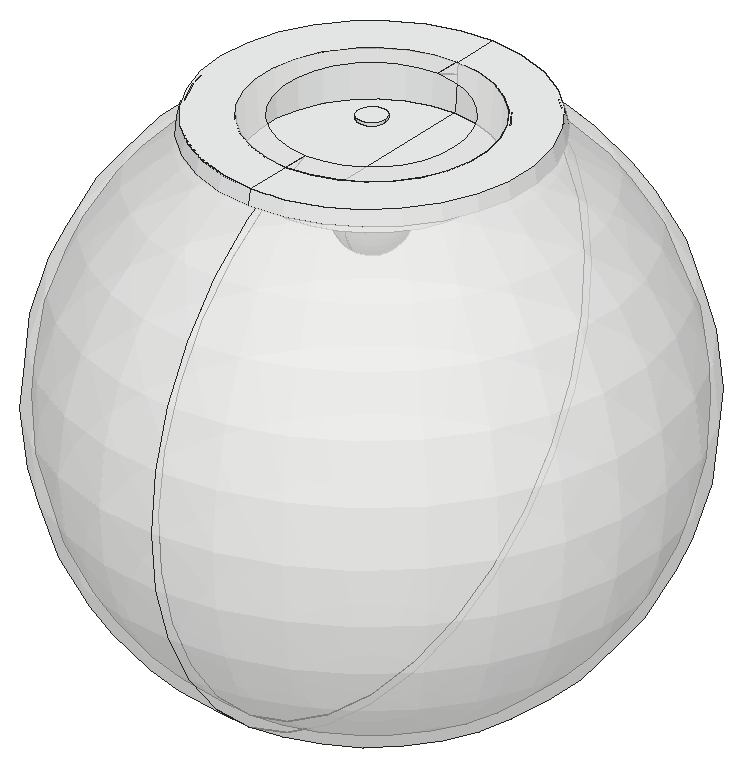
Revit family "RINA-Ceiling", category Lighting Fixtures, host Ceiling, Revit 2020
Family settings
  Host = Ceiling
  Round Connector Dimension = Use Diameter
  Part Type = Normal
  OmniClass Number = 23.80.70.11
  OmniClass Title = Luminaries for Internal Lighting
  Always vertical = Yes
  Cut with Voids When Loaded = No
  Light Source = No
  Shared = No
  Room Calculation Point = No
Parameters (values of type "RINA PL 25")
  World Region [instance] = yes
  Width = 25 mm
  Voltage Control [instance] = if(World Region, 240 VA, 110 VA)  # 240 VA
  Voltage [instance] = if(World Region, 240 V, 110 V)  # 240 V
  USA and Canada market contacts = "ip@vistosi.it, +39.344.180.73.87"
  USA Region [instance] = not(World Region)  # no
  URL Product Page = "https://vistosi.it/prodotti-lampade-vetro/rina-pl/?sku=RINAPL35-000NI-BCMUE271CE"
  URL = "https://vistosi.com"
  Type Comments = "Barbara Maggiolo"
  Region [instance] = if(World Region, "Europe", "USA")  # "Europe"
  Product data url = ""
  Model = "RINA"
  Material Bulb [instance] = 000_VISTOSI_Bulb
  Manufacturer country = "Italy"
  Manufacturer = "Vistosi"
  Light Source [instance] = Bulb : 2700 K 13 W 37 V 2000 lm DIM2 Phase Cut
  Lampshade = RINA_Lampshade : RINA_D=250mm
  Glass finish_type1 [instance] = none
  Frequency [instance] = if(World Region, 50 Hz, 60 Hz)  # 50 Hz
  Frame finish [instance] = none
  Designer = "Barbara Maggiolo"
  Description = "CEILING LAMP"
  Depth = 0 mm
  Default Elevation = 0 mm
  Contact = "T. +39 041 5903480 Email: vistosi@vistosi.it"
  Bulb Diametr = 15 mm
  BIMobject category = ""
Types (2, lengths in mm): name | Width | Light Source | Lampshade
  RINA PL 35 | 35 | RINA_Lampshade : RINA_D=350mm | RINA_Lampshade : RINA_D=350mm
  RINA PL 25 | 25 | Bulb : 2700 K 13 W 37 V 2000 lm DIM2 Phase Cut | RINA_Lampshade : RINA_D=250mm
Reference planes
  plane 1 "Light Source Axis (F/B)": y = 0
  plane 2 "Ceiling": z = 2438.4
  plane 3 "Light Source Axis (L/R)": x = 0
  plane 4 "Light Source Elevation": z = 2438.4
Forms (mm)
  Extrusion 1, solid
    sketch origin (0, 0, 2353.332) x (-1, 0, 0) y (0, -1, 0)
      loop
        circle (0, 0) r 6
    from 84 to 85.068
Text (mm)
  text "0 Tilt Angle" at (-1482.244, 236.007, 2133.6), in view "Ref. Level"
  text "180 Tilt Angle" at (653.058, 236.007, 2133.6), in view "Ref. Level"
Dimensions and locks
  equal spacing: host sketch curve, plane 3 "Light Source Axis (L/R)", host sketch curve
  equal spacing: host sketch curve, plane 1 "Light Source Axis (F/B)", host sketch curve
  host sketch curve to host sketch curve = 3048 mm  (x2)
  aligned and locked: plane 4 "Light Source Elevation" to plane 2 "Ceiling"
  aligned and locked: plane 2 "Ceiling" to Extrusion 1
Nested families
  nested 1: "RINA_Lampshade" at (0, 0, 2448.4) x (0, 1, 0) z (0, 0, -1), type <- "Lampshade", Frame finish <- "Frame finish", Glass finish_type1 <- "Glass finish_type1", Material Bulb <- "Material Bulb", Bulb Diametr <- "Bulb Diametr", type "RINA_D=250mm"
    with Material Bulb 000_VISTOSI_Bulb, Glass finish_type1 none, Frame finish none, built-in parameter 1140040 1, Bulb Diametr 15 mm
  nested 2: "Bulb" at (0, 0, 3898.4) x (0, 1, 0) z (0, 0, -1), type "2700 K 13 W 37 V 2000 lm DIM2 Phase Cut"
    with Material 000_VISTOSI_Bulb, Diameter bulb 15 mm
Connectors
  electrical at (0, 0, 2438.4), driven by "Voltage", driven by "Voltage Control"
    settings: on Extrusion 1, index 1, voltage 240 V, apparent load 0 VA, apparent load phase1 240 VA, apparent load phase2 0 VA, apparent load phase3 0 VA, power factor 1, load classification "Other", number of poles 1, system type 31, power factor state 1, is connector primary yes, connector utility no, sub classification motor no, connector description ""
Definition of nested family "RINA_Lampshade"
  Parameters (values of type "RINA_D=450mm")
    x = radius - 4 mm  # 221 mm
    radius = diameter / 2  # 225 mm
    diameter = 450 mm
    Material Bulb [instance] = none
    Glass finish_type1 [instance] = none
    Frame finish [instance] = none
    Description = "Lampshade"  # constant formula
    Default Elevation = 1000 mm
    built-in parameter 1140040 [instance] = 1
    L = 95 mm
    t = 20 mm
    t/2 = t / 2  # 10 mm
    Bulb Diametr [instance] = 15 mm
  Types (4, lengths in mm): name | x | radius | diameter | L | t | t/2
    RINA_D=350mm | 171 | 175 | 350 | 82 | 20 | 10
    RINA_D=250mm | 121 | 125 | 250 | 70 | 20 | 10
    RINA_D=160mm | 76 | 80 | 160 | 45 | 10 | 5
    RINA_D=450mm | 221 | 225 | 450 | 95 | 20 | 10
  Reference planes
    plane 1 "Center (Front/Back)": y = 0
    plane 2: z = 0
    plane 3 "Center (Left/Right)": x = 0
    plane 4: z = 225
  Forms (mm)
    Extrusion 1, solid
      sketch origin (0, 0, 0) x (1, 0, 0) y (0, 1, 0)
        loop
          line (-1219.2, 1219.2) -> (-1219.2, -1219.2) -> (1219.2, -1219.2) -> (1219.2, 1219.2) -> (-1219.2, 1219.2)
      from 0 to -304.8
    Revolve 2, solid, material <- "Glass finish_type1"
      sketch origin (0, 0, 204.686) x (1, 0, 0) y (0, 0, 1)
        loop
          arc (0, 245.314) -> (-222.486, 53.855) -> (-66.332, -194.686) r 225
          line (-66.332, -194.686) -> (0, -194.686) -> (0, 245.314)
        axis (0, -194.686) -> (0, 245.314)
      angle from 0 to 360
    Revolve 3, void
      sketch origin (0, 0, 0) x (1, 0, 0) y (0, 0, 1)
        loop
          arc (0, 446) -> (-221, 225) -> (0, 4) r 221
          line (0, 4) -> (0, 446)
        axis (0, 4) -> (0, 446)
      angle from 0 to 360
    Revolve 4, solid, material <- "Frame finish"
      sketch origin (0, 0, 204.686) x (1, 0, 0) y (0, 0, 1)
        loop
          line (-93.537, -194.686) -> (-73.709, -194.686) -> (-72.269, -174.686) -> (0, -174.686) -> (0, -173.686) -> (-73.201, -173.686) -> (-74.641, -193.686) -> (-92.742, -193.686) -> (-93.974, -188.349) -> (-95, -188.349) -> (-93.537, -194.686)
        axis (0, -194.686) -> (0, -173.686)
      angle from 0 to 360
  Cuts and joins
    Revolve 3 cuts Revolve 2
  Lines and regions (mm)
    Masking region 1, not visible
      outline origin (0, 0, 0) x (1, 0, 0) y (0, 1, 0)
        loop
          circle (0, 0) r 225
    Masking region 2, not visible
      outline origin (0, 0, 0) x (1, 0, 0) y (0, 1, 0)
        loop
          circle (0, 0) r 172.6
    Masking region 3
      outline origin (0, 0, 0) x (1, 0, 0) y (0, 1, 0)
        loop
          circle (0, 0) r 80
  Dimensions and locks
    "radius": plane 4 to plane 2
    "t/2": Revolve 2 sketch curve to level
    "L": plane 3 "Center (Left/Right)" to Revolve 4 sketch curve
    "t/2": Revolve 4 sketch curve to plane 2
    locked: Revolve 4 sketch curve to Revolve 4 sketch curve at 1  (x2)
    "t": Revolve 4 sketch curve to Revolve 4 sketch curve
    locked: nested 1 to level at 50
    "radius": radius of Revolve 2 sketch curve
    "x": radius of Revolve 3 sketch curve
    aligned and locked: plane 2 to Extrusion 1
    aligned and locked: level to Extrusion 1
    aligned and locked: Revolve 2 sketch curve to plane 3 "Center (Left/Right)"
    aligned and locked: Revolve 3 sketch curve to plane 3 "Center (Left/Right)"
    aligned and locked: plane 3 "Center (Left/Right)" to nested 1
  Automatic sketch dimensions
    Extrusion 1 sketch curve to Extrusion 1 sketch curve = 2438.4 mm  (x2)
    plane 1 "Center (Front/Back)" to Masking region 1 sketch curve = 0 mm
    Masking region 1 sketch curve to plane 3 "Center (Left/Right)" = 0 mm
    plane 1 "Center (Front/Back)" to Masking region 2 sketch curve = 0 mm
    Masking region 2 sketch curve to plane 3 "Center (Left/Right)" = 0 mm
    plane 1 "Center (Front/Back)" to Masking region 3 sketch curve = 0 mm
    Masking region 3 sketch curve to plane 3 "Center (Left/Right)" = 0 mm
    Revolve 2 sketch curve to plane 3 "Center (Left/Right)" = 0 mm
    Revolve 2 sketch curve to plane 4 = 0 mm
    Revolve 2 sketch curve to level = 5.116 mm
    Revolve 2 sketch curve to Revolve 2 sketch curve = 68.208 mm
    Revolve 3 sketch curve to plane 3 "Center (Left/Right)" = 0 mm
    Revolve 3 sketch curve to level = 0 mm
    Revolve 3 sketch curve to plane 4 = 0 mm
    Revolve 3 sketch curve to Revolve 3 sketch curve = 19 mm
    Revolve 4 sketch curve to plane 3 "Center (Left/Right)" = 0 mm  (x2)
    Revolve 4 sketch curve to Revolve 4 sketch curve = 1.026 mm
    Revolve 4 sketch curve to Revolve 4 sketch curve = 0.437 mm
    Revolve 4 sketch curve to Revolve 4 sketch curve = 0.795 mm
    Revolve 4 sketch curve to Revolve 4 sketch curve = 18.1 mm
    Revolve 4 sketch curve to Revolve 4 sketch curve = 0.933 mm  (x2)
    Revolve 4 sketch curve to Revolve 4 sketch curve = 1.44 mm
    Revolve 4 sketch curve to Revolve 4 sketch curve = 5.337 mm
    Revolve 4 sketch curve to level = 5.116 mm
    plane 4 to Revolve 4 sketch curve = 243.208 mm
    radius of Masking region 1 sketch curve = 225 mm
    radius of Masking region 2 sketch curve = 172.6 mm
    radius of Masking region 3 sketch curve = 80 mm
  Nested families
    nested 1: "Bulb" at (0, 0, -1450), Material <- "Material Bulb", Diameter bulb <- "Bulb Diametr", type "2700 K 13 W 37 V 2000 lm DIM2 Phase Cut"
      with Material none, Diameter bulb 15 mm
  Definition of nested family "Bulb"
    Parameters (values of type "3000 K 13 W 37 V 2000 lm DIM3 0-10V, Push")
      Wattage = 13.4642 W
      built-in parameter 1150110 = 1 (stored number, unit not read)
      USA and Canada market contacts = ""
      built-in parameter 1114217 = 1 (stored number, unit not read)
      built-in parameter 1150109 = 1 (stored number, unit not read)
      built-in parameter 1150134 = (empty or 0)
      built-in parameter 1150113 = 1 (stored number, unit not read)
      Material [instance] = none
      Diameter bulb [instance] = 15 mm
      Lumens = 2000 lm
      built-in parameter 1150115 = 1 (stored number, unit not read)
      built-in parameter 1150105 = 159.15 (stored number, unit not read)
      Light Source Symbol Size = 30 mm
      built-in parameter 1150137 = (empty or 0)
      built-in parameter 1150139 = (empty or 0)
      built-in parameter 1150112 = 1 (stored number, unit not read)
      built-in parameter 1150114 = 1 (stored number, unit not read)
      built-in parameter 1150132 = 2
      built-in parameter 1150102 = (empty or 0)
      built-in parameter 1150138 = (empty or 0)
      built-in parameter 1150107 = 3000 (stored number, unit not read)
      built-in parameter 1150106 = 1.5915 (stored number, unit not read)
      built-in parameter 1150104 = 13.8 (stored number, unit not read)
      Dimming Lamp Color Temperature Shift = (empty or 0)
      Default Elevation = 1219.2 mm
      Color Filter = 16777215
      built-in parameter 1114218 = 1 (stored number, unit not read)
      built-in parameter 1150133 = 10 (stored number, unit not read)
    Types (4, lengths in mm): name | built-in parameter 1150107
      2700 K 13 W 37 V 2000 lm DIM2 Phase Cut | 2700 (stored number, unit not read)
      2700 K 13 W 37 V 2000 lm DIM3 0-10V, Push | 2700 (stored number, unit not read)
      3000 K 13 W 37 V 2000 lm DIM2 Phase Cut | 3000 (stored number, unit not read)
      3000 K 13 W 37 V 2000 lm DIM3 0-10V, Push | 3000 (stored number, unit not read)
    Reference planes
      plane 1 "Light Source Axis (F/B)": y = 0
      plane 2: z = 0
      plane 3 "Light Source Axis (L/R)": x = 0
      plane 4 "Light Source Elevation": z = 1500
    Forms (mm)
      Revolve 1, solid, material <- "Material"
        sketch origin (0, 0, 0) x (1, 0, 0) y (0, 0, 1)
          loop
            arc (0, 1515) -> (-15, 1500) -> (0, 1485) r 15
            line (0, 1485) -> (0, 1515)
          axis (0, 1515) -> (0, 1485)
        angle from 0 to 360
    Dimensions and locks
      "Diameter bulb": radius of Revolve 1 sketch curve
      aligned and locked: plane 3 "Light Source Axis (L/R)" to imposter light
      aligned and locked: plane 1 "Light Source Axis (F/B)" to imposter light
      aligned and locked: plane 4 "Light Source Elevation" to imposter light
      aligned and locked: level to plane 2
    Automatic sketch dimensions
      Revolve 1 sketch curve to plane 3 "Light Source Axis (L/R)" = 0 mm  (x2)
      Revolve 1 sketch curve to plane 4 "Light Source Elevation" = 0 mm
      Revolve 1 sketch curve to Revolve 1 sketch curve = 5 mm  (x2)
Definition of nested family "Bulb"
  Parameters (values of type "3000 K 13 W 37 V 2000 lm DIM3 0-10V, Push")
    Wattage = 13.4642 W
    built-in parameter 1150110 = 1 (stored number, unit not read)
    USA and Canada market contacts = ""
    built-in parameter 1114217 = 1 (stored number, unit not read)
    built-in parameter 1150109 = 1 (stored number, unit not read)
    built-in parameter 1150134 = (empty or 0)
    built-in parameter 1150113 = 1 (stored number, unit not read)
    Material [instance] = none
    Diameter bulb [instance] = 15 mm
    Lumens = 2000 lm
    built-in parameter 1150115 = 1 (stored number, unit not read)
    built-in parameter 1150105 = 159.15 (stored number, unit not read)
    Light Source Symbol Size = 30 mm
    built-in parameter 1150137 = (empty or 0)
    built-in parameter 1150139 = (empty or 0)
    built-in parameter 1150112 = 1 (stored number, unit not read)
    built-in parameter 1150114 = 1 (stored number, unit not read)
    built-in parameter 1150132 = 2
    built-in parameter 1150102 = (empty or 0)
    built-in parameter 1150138 = (empty or 0)
    built-in parameter 1150107 = 3000 (stored number, unit not read)
    built-in parameter 1150106 = 1.5915 (stored number, unit not read)
    built-in parameter 1150104 = 13.8 (stored number, unit not read)
    Dimming Lamp Color Temperature Shift = (empty or 0)
    Default Elevation = 1219.2 mm
    Color Filter = 16777215
    built-in parameter 1114218 = 1 (stored number, unit not read)
    built-in parameter 1150133 = 10 (stored number, unit not read)
  Types (4, lengths in mm): name | built-in parameter 1150107
    2700 K 13 W 37 V 2000 lm DIM2 Phase Cut | 2700 (stored number, unit not read)
    2700 K 13 W 37 V 2000 lm DIM3 0-10V, Push | 2700 (stored number, unit not read)
    3000 K 13 W 37 V 2000 lm DIM2 Phase Cut | 3000 (stored number, unit not read)
    3000 K 13 W 37 V 2000 lm DIM3 0-10V, Push | 3000 (stored number, unit not read)
  Reference planes
    plane 1 "Light Source Axis (F/B)": y = 0
    plane 2: z = 0
    plane 3 "Light Source Axis (L/R)": x = 0
    plane 4 "Light Source Elevation": z = 1500
  Forms (mm)
    Revolve 1, solid, material <- "Material"
      sketch origin (0, 0, 0) x (1, 0, 0) y (0, 0, 1)
        loop
          arc (0, 1515) -> (-15, 1500) -> (0, 1485) r 15
          line (0, 1485) -> (0, 1515)
        axis (0, 1515) -> (0, 1485)
      angle from 0 to 360
  Dimensions and locks
    "Diameter bulb": radius of Revolve 1 sketch curve
    aligned and locked: plane 3 "Light Source Axis (L/R)" to imposter light
    aligned and locked: plane 1 "Light Source Axis (F/B)" to imposter light
    aligned and locked: plane 4 "Light Source Elevation" to imposter light
    aligned and locked: level to plane 2
  Automatic sketch dimensions
    Revolve 1 sketch curve to plane 3 "Light Source Axis (L/R)" = 0 mm  (x2)
    Revolve 1 sketch curve to plane 4 "Light Source Elevation" = 0 mm
    Revolve 1 sketch curve to Revolve 1 sketch curve = 5 mm  (x2)
